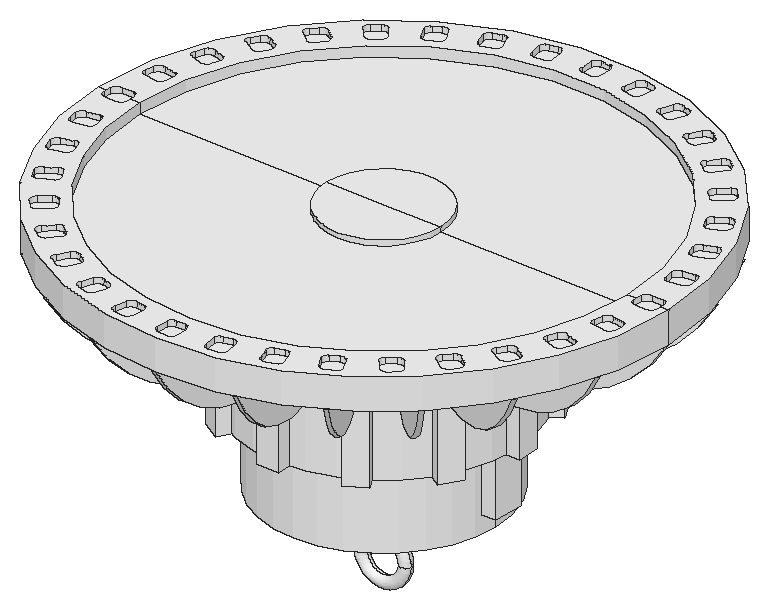
Revit family "CRB", category Lighting Fixtures, host Face, Revit 2021 (continued)
Definition of nested family "LX"
  Forms (in)
    Extrusion 12, solid, material <- "Housing Material"
      sketch origin (7.25807, -1.95628, 0) x (-0.965926, 0.258819, 0) y (0, 0, 1)
        loop
          line (5.49624, 7.29) -> (5.4141, 7.29)
          arc (5.4141, 7.29) -> (3.9671, 7.41595) -> (2.56362, 7.79) r 8.37521
          line (2.56362, 7.79) -> (1.62124, 7.79)
          arc (1.62124, 7.79) -> (3.272, 6.27813) -> (5.49624, 6.0261) r 3.61991
          line (5.49624, 6.0261) -> (5.49624, 7.29)
      from -0.1 to 0
    Extrusion 13, solid, material <- "Housing Material"
      sketch origin (7.51708, -0.0111, 0) x (-1, 0, 0) y (0, 0, 1)
        loop
          line (5.49624, 7.29) -> (5.4141, 7.29)
          arc (5.4141, 7.29) -> (3.9671, 7.41595) -> (2.56362, 7.79) r 8.37521
          line (2.56362, 7.79) -> (1.62124, 7.79)
          arc (1.62124, 7.79) -> (3.272, 6.27813) -> (5.49624, 6.0261) r 3.61991
          line (5.49624, 6.0261) -> (5.49624, 7.29)
      from -0.1 to 0
    Extrusion 14, solid, material <- "Housing Material"
      sketch origin (-1.93484, -7.26381, 0) x (0.258819, 0.965926, 0) y (0, 0, -1)
        loop
          line (5.49624, -7.29) -> (5.49624, -6.0261)
          arc (5.49624, -6.0261) -> (3.272, -6.27813) -> (1.62124, -7.79) r 3.61991
          line (1.62124, -7.79) -> (2.56362, -7.79)
          arc (2.56362, -7.79) -> (3.9671, -7.41595) -> (5.4141, -7.29) r 8.37521
          line (5.4141, -7.29) -> (5.49624, -7.29)
      from -0.1 to 0
    Extrusion 15, solid, material <- "Housing Material"
      sketch origin (-3.74893, -6.51553, 0) x (0.5, 0.866025, 0) y (0, 0, -1)
        loop
          line (5.49624, -7.29) -> (5.49624, -6.0261)
          arc (5.49624, -6.0261) -> (3.272, -6.27813) -> (1.62124, -7.79) r 3.61991
          line (1.62124, -7.79) -> (2.56362, -7.79)
          arc (2.56362, -7.79) -> (3.9671, -7.41595) -> (5.4141, -7.29) r 8.37521
          line (5.4141, -7.29) -> (5.49624, -7.29)
      from -0.1 to 0
    Extrusion 16, solid, material <- "Housing Material"
      sketch origin (-5.30753, -5.32323, 0) x (0.707107, 0.707107, 0) y (0, 0, -1)
        loop
          line (5.49624, -7.29) -> (5.49624, -6.0261)
          arc (5.49624, -6.0261) -> (3.272, -6.27813) -> (1.62124, -7.79) r 3.61991
          line (1.62124, -7.79) -> (2.56362, -7.79)
          arc (2.56362, -7.79) -> (3.9671, -7.41595) -> (5.4141, -7.29) r 8.37521
          line (5.4141, -7.29) -> (5.49624, -7.29)
      from -0.1 to 0
    Extrusion 17, solid, material <- "Housing Material"
      sketch origin (-6.50443, -3.76815, 0) x (0.866025, 0.5, 0) y (0, 0, -1)
        loop
          line (5.49624, -7.29) -> (5.49624, -6.0261)
          arc (5.49624, -6.0261) -> (3.272, -6.27813) -> (1.62124, -7.79) r 3.61991
          line (1.62124, -7.79) -> (2.56362, -7.79)
          arc (2.56362, -7.79) -> (3.9671, -7.41595) -> (5.4141, -7.29) r 8.37521
          line (5.4141, -7.29) -> (5.49624, -7.29)
      from -0.1 to 0
    Extrusion 18, solid, material <- "Housing Material"
      sketch origin (-7.25807, -1.95628, 0) x (0.965926, 0.258819, 0) y (0, 0, -1)
        loop
          line (5.49624, -7.29) -> (5.49624, -6.0261)
          arc (5.49624, -6.0261) -> (3.272, -6.27813) -> (1.62124, -7.79) r 3.61991
          line (1.62124, -7.79) -> (2.56362, -7.79)
          arc (2.56362, -7.79) -> (3.9671, -7.41595) -> (5.4141, -7.29) r 8.37521
          line (5.4141, -7.29) -> (5.49624, -7.29)
      from -0.1 to 0
    Extrusion 19, solid, material <- "Housing Material"
      sketch origin (-7.51708, -0.0111, 0) x (1, 0, 0) y (0, 0, -1)
        loop
          line (5.49624, -7.29) -> (5.49624, -6.0261)
          arc (5.49624, -6.0261) -> (3.272, -6.27813) -> (1.62124, -7.79) r 3.61991
          line (1.62124, -7.79) -> (2.56362, -7.79)
          arc (2.56362, -7.79) -> (3.9671, -7.41595) -> (5.4141, -7.29) r 8.37521
          line (5.4141, -7.29) -> (5.49624, -7.29)
      from -0.1 to 0
    Extrusion 20, solid, material <- "Housing Material"
      sketch origin (-0.0111, 7.51708, 0) x (0, -1, 0) y (0, 0, -1)
        loop
          line (5.49624, -7.29) -> (5.49624, -6.0261)
          arc (5.49624, -6.0261) -> (3.272, -6.27813) -> (1.62124, -7.79) r 3.61991
          line (1.62124, -7.79) -> (2.56362, -7.79)
          arc (2.56362, -7.79) -> (3.9671, -7.41595) -> (5.4141, -7.29) r 8.37521
          line (5.4141, -7.29) -> (5.49624, -7.29)
      from -0.1 to 0
    Extrusion 21, solid, material <- "Housing Material"
      sketch origin (1.93484, 7.26381, 0) x (-0.258819, -0.965926, 0) y (0, 0, -1)
        loop
          line (5.49624, -7.29) -> (5.49624, -6.0261)
          arc (5.49624, -6.0261) -> (3.272, -6.27813) -> (1.62124, -7.79) r 3.61991
          line (1.62124, -7.79) -> (2.56362, -7.79)
          arc (2.56362, -7.79) -> (3.9671, -7.41595) -> (5.4141, -7.29) r 8.37521
          line (5.4141, -7.29) -> (5.49624, -7.29)
      from -0.1 to 0
    Extrusion 22, solid, material <- "Housing Material"
      sketch origin (3.74893, 6.51553, 0) x (-0.5, -0.866025, 0) y (0, 0, -1)
        loop
          line (5.49624, -7.29) -> (5.49624, -6.0261)
          arc (5.49624, -6.0261) -> (3.272, -6.27813) -> (1.62124, -7.79) r 3.61991
          line (1.62124, -7.79) -> (2.56362, -7.79)
          arc (2.56362, -7.79) -> (3.9671, -7.41595) -> (5.4141, -7.29) r 8.37521
          line (5.4141, -7.29) -> (5.49624, -7.29)
      from -0.1 to 0
    Extrusion 23, solid, material <- "Housing Material"
      sketch origin (5.30753, 5.32323, 0) x (-0.707107, -0.707107, 0) y (0, 0, -1)
        loop
          line (5.49624, -7.29) -> (5.49624, -6.0261)
          arc (5.49624, -6.0261) -> (3.272, -6.27813) -> (1.62124, -7.79) r 3.61991
          line (1.62124, -7.79) -> (2.56362, -7.79)
          arc (2.56362, -7.79) -> (3.9671, -7.41595) -> (5.4141, -7.29) r 8.37521
          line (5.4141, -7.29) -> (5.49624, -7.29)
      from -0.1 to 0
    Extrusion 24, solid, material <- "Housing Material"
      sketch origin (6.50443, 3.76815, 0) x (-0.866025, -0.5, 0) y (0, 0, -1)
        loop
          line (5.49624, -7.29) -> (5.49624, -6.0261)
          arc (5.49624, -6.0261) -> (3.272, -6.27813) -> (1.62124, -7.79) r 3.61991
          line (1.62124, -7.79) -> (2.56362, -7.79)
          arc (2.56362, -7.79) -> (3.9671, -7.41595) -> (5.4141, -7.29) r 8.37521
          line (5.4141, -7.29) -> (5.49624, -7.29)
      from -0.1 to 0
    Extrusion 25, solid, material <- "Housing Material"
      sketch origin (7.25807, 1.95628, 0) x (-0.965926, -0.258819, 0) y (0, 0, -1)
        loop
          line (5.49624, -7.29) -> (5.49624, -6.0261)
          arc (5.49624, -6.0261) -> (3.272, -6.27813) -> (1.62124, -7.79) r 3.61991
          line (1.62124, -7.79) -> (2.56362, -7.79)
          arc (2.56362, -7.79) -> (3.9671, -7.41595) -> (5.4141, -7.29) r 8.37521
          line (5.4141, -7.29) -> (5.49624, -7.29)
      from -0.1 to 0
    Extrusion 26, solid, material <- "Housing Material"
      sketch origin (-1.93484, 7.26381, 0) x (0.258819, -0.965926, 0) y (0, 0, 1)
        loop
          line (5.49624, 7.29) -> (5.4141, 7.29)
          arc (5.4141, 7.29) -> (3.9671, 7.41595) -> (2.56362, 7.79) r 8.37521
          line (2.56362, 7.79) -> (1.62124, 7.79)
          arc (1.62124, 7.79) -> (3.272, 6.27813) -> (5.49624, 6.0261) r 3.61991
          line (5.49624, 6.0261) -> (5.49624, 7.29)
      from -0.1 to 0
    Extrusion 27, solid, material <- "Housing Material"
      sketch origin (-3.74893, 6.51553, 0) x (0.5, -0.866025, 0) y (0, 0, 1)
        loop
          line (5.49624, 7.29) -> (5.4141, 7.29)
          arc (5.4141, 7.29) -> (3.9671, 7.41595) -> (2.56362, 7.79) r 8.37521
          line (2.56362, 7.79) -> (1.62124, 7.79)
          arc (1.62124, 7.79) -> (3.272, 6.27813) -> (5.49624, 6.0261) r 3.61991
          line (5.49624, 6.0261) -> (5.49624, 7.29)
      from -0.1 to 0
    Extrusion 28, solid, material <- "Housing Material"
      sketch origin (-5.30753, 5.32323, 0) x (0.707107, -0.707107, 0) y (0, 0, 1)
        loop
          line (5.49624, 7.29) -> (5.4141, 7.29)
          arc (5.4141, 7.29) -> (3.9671, 7.41595) -> (2.56362, 7.79) r 8.37521
          line (2.56362, 7.79) -> (1.62124, 7.79)
          arc (1.62124, 7.79) -> (3.272, 6.27813) -> (5.49624, 6.0261) r 3.61991
          line (5.49624, 6.0261) -> (5.49624, 7.29)
      from -0.1 to 0
    Extrusion 29, solid, material <- "Housing Material"
      sketch origin (-6.50443, 3.76815, 0) x (0.866025, -0.5, 0) y (0, 0, 1)
        loop
          line (5.49624, 7.29) -> (5.4141, 7.29)
          arc (5.4141, 7.29) -> (3.9671, 7.41595) -> (2.56362, 7.79) r 8.37521
          line (2.56362, 7.79) -> (1.62124, 7.79)
          arc (1.62124, 7.79) -> (3.272, 6.27813) -> (5.49624, 6.0261) r 3.61991
          line (5.49624, 6.0261) -> (5.49624, 7.29)
      from -0.1 to 0
    Extrusion 30, solid, material <- "Housing Material"
      sketch origin (-7.25807, 1.95628, 0) x (0.965926, -0.258819, 0) y (0, 0, 1)
        loop
          line (5.49624, 7.29) -> (5.4141, 7.29)
          arc (5.4141, 7.29) -> (3.9671, 7.41595) -> (2.56362, 7.79) r 8.37521
          line (2.56362, 7.79) -> (1.62124, 7.79)
          arc (1.62124, 7.79) -> (3.272, 6.27813) -> (5.49624, 6.0261) r 3.61991
          line (5.49624, 6.0261) -> (5.49624, 7.29)
      from -0.1 to 0
    Extrusion 31, solid, material <- "Housing Material"
      sketch origin (-0.0111, 8.59976, 0) x (1, 0, 0) y (0, 1, 0)
        loop
          arc (-0.37032, -6.38596) -> (-0.01952, -6.35557) -> (0.33175, -6.37991) r 2.26575
          line (0.33175, -6.37991) -> (0.33175, -5.98256)
          arc (0.33175, -5.98256) -> (-0.01946, -5.96186) -> (-0.37032, -5.9877) r 2.65945
          line (-0.37032, -5.9877) -> (-0.37032, -6.38596)
      from 4.45782 to 7.79
    Extrusion 32, solid, material <- "Housing Material"
      sketch origin (4.2862, -7.43796, 0) x (0.866025, 0.5, 0) y (-0.5, 0.866025, 0)
        loop
          line (-0.37032, 6.38596) -> (-0.37032, 5.9877)
          arc (-0.37032, 5.9877) -> (-0.01946, 5.96186) -> (0.33175, 5.98256) r 2.65945
          line (0.33175, 5.98256) -> (0.33175, 6.37991)
          arc (0.33175, 6.37991) -> (-0.01952, 6.35557) -> (-0.37032, 6.38596) r 2.26575
      from 4.45782 to 7.79
    Extrusion 33, solid, material <- "Housing Material"
      sketch origin (-4.31356, 7.45725, 0) x (0.866025, 0.5, 0) y (-0.5, 0.866025, 0)
        loop
          arc (-0.37032, -6.38596) -> (-0.01952, -6.35557) -> (0.33175, -6.37991) r 2.26575
          line (0.33175, -6.37991) -> (0.33175, -5.98256)
          arc (0.33175, -5.98256) -> (-0.01946, -5.96186) -> (-0.37032, -5.9877) r 2.65945
          line (-0.37032, -5.9877) -> (-0.37032, -6.38596)
      from 4.45782 to 7.79
    Extrusion 34, solid, material <- "Housing Material"
      sketch origin (7.42815, -4.28352, 0) x (0.5, 0.866025, 0) y (-0.866025, 0.5, 0)
        loop
          line (-0.37032, 6.38596) -> (-0.37032, 5.9877)
          arc (-0.37032, 5.9877) -> (-0.01946, 5.96186) -> (0.33175, 5.98256) r 2.65945
          line (0.33175, 5.98256) -> (0.33175, 6.37991)
          arc (0.33175, 6.37991) -> (-0.01952, 6.35557) -> (-0.37032, 6.38596) r 2.26575
      from 4.45782 to 7.79
    Extrusion 35, solid, material <- "Housing Material"
      sketch origin (-7.46707, 4.31624, 0) x (0.5, 0.866025, 0) y (-0.866025, 0.5, 0)
        loop
          arc (-0.37032, -6.38596) -> (-0.01952, -6.35557) -> (0.33175, -6.37991) r 2.26575
          line (0.33175, -6.37991) -> (0.33175, -5.98256)
          arc (0.33175, -5.98256) -> (-0.01946, -5.96186) -> (-0.37032, -5.9877) r 2.65945
          line (-0.37032, -5.9877) -> (-0.37032, -6.38596)
      from 4.45782 to 7.79
    Extrusion 36, solid, material <- "Housing Material"
      sketch origin (8.5716, 0.018, 0) x (0, 1, 0) y (-1, 0, 0)
        loop
          line (-0.37032, 6.38596) -> (-0.37032, 5.9877)
          arc (-0.37032, 5.9877) -> (-0.01946, 5.96186) -> (0.33175, 5.98256) r 2.65945
          line (0.33175, 5.98256) -> (0.33175, 6.37991)
          arc (0.33175, 6.37991) -> (-0.01952, 6.35557) -> (-0.37032, 6.38596) r 2.26575
      from 4.45782 to 7.79
    Extrusion 37, solid, material <- "Housing Material"
      sketch origin (-8.62792, 0.018, 0) x (0, 1, 0) y (-1, 0, 0)
        loop
          arc (-0.37032, -6.38596) -> (-0.01952, -6.35557) -> (0.33175, -6.37991) r 2.26575
          line (0.33175, -6.37991) -> (0.33175, -5.98256)
          arc (0.33175, -5.98256) -> (-0.01946, -5.96186) -> (-0.37032, -5.9877) r 2.65945
          line (-0.37032, -5.9877) -> (-0.37032, -6.38596)
      from 4.45782 to 7.79
    Extrusion 38, solid, material <- "Housing Material"
      sketch origin (7.40981, 4.3153, 0) x (-0.5, 0.866025, 0) y (-0.866025, -0.5, 0)
        loop
          line (-0.37032, 6.38596) -> (-0.37032, 5.9877)
          arc (-0.37032, 5.9877) -> (-0.01946, 5.96186) -> (0.33175, 5.98256) r 2.65945
          line (0.33175, 5.98256) -> (0.33175, 6.37991)
          arc (0.33175, 6.37991) -> (-0.01952, 6.35557) -> (-0.37032, 6.38596) r 2.26575
      from 4.45782 to 7.79
    Extrusion 39, solid, material <- "Housing Material"
      sketch origin (-7.48541, -4.28446, 0) x (-0.5, 0.866025, 0) y (-0.866025, -0.5, 0)
        loop
          arc (-0.37032, -6.38596) -> (-0.01952, -6.35557) -> (0.33175, -6.37991) r 2.26575
          line (0.33175, -6.37991) -> (0.33175, -5.98256)
          arc (0.33175, -5.98256) -> (-0.01946, -5.96186) -> (-0.37032, -5.9877) r 2.65945
          line (-0.37032, -5.9877) -> (-0.37032, -6.38596)
      from 4.45782 to 7.79
    Extrusion 40, solid, material <- "Housing Material"
      sketch origin (4.25536, 7.45725, 0) x (-0.866025, 0.5, 0) y (-0.5, -0.866025, 0)
        loop
          line (-0.37032, 6.38596) -> (-0.37032, 5.9877)
          arc (-0.37032, 5.9877) -> (-0.01946, 5.96186) -> (0.33175, 5.98256) r 2.65945
          line (0.33175, 5.98256) -> (0.33175, 6.37991)
          arc (0.33175, 6.37991) -> (-0.01952, 6.35557) -> (-0.37032, 6.38596) r 2.26575
      from 4.45782 to 7.79
    Extrusion 41, solid, material <- "Housing Material"
      sketch origin (-4.3444, -7.43796, 0) x (-0.866025, 0.5, 0) y (-0.5, -0.866025, 0)
        loop
          arc (-0.37032, -6.38596) -> (-0.01952, -6.35557) -> (0.33175, -6.37991) r 2.26575
          line (0.33175, -6.37991) -> (0.33175, -5.98256)
          arc (0.33175, -5.98256) -> (-0.01946, -5.96186) -> (-0.37032, -5.9877) r 2.65945
          line (-0.37032, -5.9877) -> (-0.37032, -6.38596)
      from 4.45782 to 7.79
    Extrusion 42, void
      sketch origin (-0.0111, 7.46787, 0) x (1, 0, 0) y (0, 1, 0)
        loop
          line (-0.12065, -2.39636) -> (0.09701, -2.39636)
          arc (0.09701, -2.39636) -> (0.20339, -2.3523) -> (0.24746, -2.24592) r 0.15044
          line (0.24746, -2.24592) -> (0.24746, -1.95565)
          arc (0.24746, -1.95565) -> (0.20677, -1.85741) -> (0.10853, -1.81672) r 0.13893
          line (0.10853, -1.81672) -> (-0.09392, -1.81672)
          arc (-0.09392, -1.81672) -> (-0.20608, -1.86318) -> (-0.25254, -1.97534) r 0.15862
          line (-0.25254, -1.97534) -> (-0.25254, -2.26447)
          arc (-0.25254, -2.26447) -> (-0.21391, -2.35773) -> (-0.12065, -2.39636) r 0.13189
      from 8.41275 to 8.54
    Extrusion 43, void
      sketch origin (1.92164, -7.21275, 0) x (0.965926, 0.258819, 0) y (-0.258819, 0.965926, 0)
        loop
          arc (-0.12065, 2.39636) -> (-0.21391, 2.35773) -> (-0.25254, 2.26447) r 0.13189
          line (-0.25254, 2.26447) -> (-0.25254, 1.97534)
          arc (-0.25254, 1.97534) -> (-0.20608, 1.86318) -> (-0.09392, 1.81672) r 0.15862
          line (-0.09392, 1.81672) -> (0.10853, 1.81672)
          arc (0.10853, 1.81672) -> (0.20677, 1.85741) -> (0.24746, 1.95565) r 0.13893
          line (0.24746, 1.95565) -> (0.24746, 2.24592)
          arc (0.24746, 2.24592) -> (0.20339, 2.3523) -> (0.09701, 2.39636) r 0.15044
          line (0.09701, 2.39636) -> (-0.12065, 2.39636)
      from 8.41275 to 8.54
    Extrusion 44, void
      sketch origin (-1.94401, 7.21406, 0) x (0.965926, 0.258819, 0) y (-0.258819, 0.965926, 0)
        loop
          line (-0.12065, -2.39636) -> (0.09701, -2.39636)
          arc (0.09701, -2.39636) -> (0.20339, -2.3523) -> (0.24746, -2.24592) r 0.15044
          line (0.24746, -2.24592) -> (0.24746, -1.95565)
          arc (0.24746, -1.95565) -> (0.20677, -1.85741) -> (0.10853, -1.81672) r 0.13893
          line (0.10853, -1.81672) -> (-0.09392, -1.81672)
          arc (-0.09392, -1.81672) -> (-0.20608, -1.86318) -> (-0.25254, -1.97534) r 0.15862
          line (-0.25254, -1.97534) -> (-0.25254, -2.26447)
          arc (-0.25254, -2.26447) -> (-0.21391, -2.35773) -> (-0.12065, -2.39636) r 0.13189
      from 8.41275 to 8.54
    Extrusion 45, void
      sketch origin (3.72314, -6.46659, 0) x (0.866025, 0.5, 0) y (-0.5, 0.866025, 0)
        loop
          arc (-0.12065, 2.39636) -> (-0.21391, 2.35773) -> (-0.25254, 2.26447) r 0.13189
          line (-0.25254, 2.26447) -> (-0.25254, 1.97534)
          arc (-0.25254, 1.97534) -> (-0.20608, 1.86318) -> (-0.09392, 1.81672) r 0.15862
          line (-0.09392, 1.81672) -> (0.10853, 1.81672)
          arc (0.10853, 1.81672) -> (0.20677, 1.85741) -> (0.24746, 1.95565) r 0.13893
          line (0.24746, 1.95565) -> (0.24746, 2.24592)
          arc (0.24746, 2.24592) -> (0.20339, 2.3523) -> (0.09701, 2.39636) r 0.15044
          line (0.09701, 2.39636) -> (-0.12065, 2.39636)
      from 8.41275 to 8.54
    Extrusion 46, void
      sketch origin (-3.74472, 6.46814, 0) x (0.866025, 0.5, 0) y (-0.5, 0.866025, 0)
        loop
          line (-0.12065, -2.39636) -> (0.09701, -2.39636)
          arc (0.09701, -2.39636) -> (0.20339, -2.3523) -> (0.24746, -2.24592) r 0.15044
          line (0.24746, -2.24592) -> (0.24746, -1.95565)
          arc (0.24746, -1.95565) -> (0.20677, -1.85741) -> (0.10853, -1.81672) r 0.13893
          line (0.10853, -1.81672) -> (-0.09392, -1.81672)
          arc (-0.09392, -1.81672) -> (-0.20608, -1.86318) -> (-0.25254, -1.97534) r 0.15862
          line (-0.25254, -1.97534) -> (-0.25254, -2.26447)
          arc (-0.25254, -2.26447) -> (-0.21391, -2.35773) -> (-0.12065, -2.39636) r 0.13189
      from 8.41275 to 8.54
    Extrusion 47, void
      sketch origin (5.27044, -5.28009, 0) x (0.707107, 0.707107, 0) y (-0.707107, 0.707107, 0)
        loop
          arc (-0.12065, 2.39636) -> (-0.21391, 2.35773) -> (-0.25254, 2.26447) r 0.13189
          line (-0.25254, 2.26447) -> (-0.25254, 1.97534)
          arc (-0.25254, 1.97534) -> (-0.20608, 1.86318) -> (-0.09392, 1.81672) r 0.15862
          line (-0.09392, 1.81672) -> (0.10853, 1.81672)
          arc (0.10853, 1.81672) -> (0.20677, 1.85741) -> (0.24746, 1.95565) r 0.13893
          line (0.24746, 1.95565) -> (0.24746, 2.24592)
          arc (0.24746, 2.24592) -> (0.20339, 2.3523) -> (0.09701, 2.39636) r 0.15044
          line (0.09701, 2.39636) -> (-0.12065, 2.39636)
      from 8.41275 to 8.54
    Extrusion 48, void
      sketch origin (-5.29072, 5.28107, 0) x (0.707107, 0.707107, 0) y (-0.707107, 0.707107, 0)
        loop
          line (-0.12065, -2.39636) -> (0.09701, -2.39636)
          arc (0.09701, -2.39636) -> (0.20339, -2.3523) -> (0.24746, -2.24592) r 0.15044
          line (0.24746, -2.24592) -> (0.24746, -1.95565)
          arc (0.24746, -1.95565) -> (0.20677, -1.85741) -> (0.10853, -1.81672) r 0.13893
          line (0.10853, -1.81672) -> (-0.09392, -1.81672)
          arc (-0.09392, -1.81672) -> (-0.20608, -1.86318) -> (-0.25254, -1.97534) r 0.15862
          line (-0.25254, -1.97534) -> (-0.25254, -2.26447)
          arc (-0.25254, -2.26447) -> (-0.21391, -2.35773) -> (-0.12065, -2.39636) r 0.13189
      from 8.41275 to 8.54
    Extrusion 49, void
      sketch origin (6.45789, -3.73396, 0) x (0.5, 0.866025, 0) y (-0.866025, 0.5, 0)
        loop
          arc (-0.12065, 2.39636) -> (-0.21391, 2.35773) -> (-0.25254, 2.26447) r 0.13189
          line (-0.25254, 2.26447) -> (-0.25254, 1.97534)
          arc (-0.25254, 1.97534) -> (-0.20608, 1.86318) -> (-0.09392, 1.81672) r 0.15862
          line (-0.09392, 1.81672) -> (0.10853, 1.81672)
          arc (0.10853, 1.81672) -> (0.20677, 1.85741) -> (0.24746, 1.95565) r 0.13893
          line (0.24746, 1.95565) -> (0.24746, 2.24592)
          arc (0.24746, 2.24592) -> (0.20339, 2.3523) -> (0.09701, 2.39636) r 0.15044
          line (0.09701, 2.39636) -> (-0.12065, 2.39636)
      from 8.41275 to 8.54
    Extrusion 50, void
      sketch origin (-6.47683, 3.73391, 0) x (0.5, 0.866025, 0) y (-0.866025, 0.5, 0)
        loop
          line (-0.12065, -2.39636) -> (0.09701, -2.39636)
          arc (0.09701, -2.39636) -> (0.20339, -2.3523) -> (0.24746, -2.24592) r 0.15044
          line (0.24746, -2.24592) -> (0.24746, -1.95565)
          arc (0.24746, -1.95565) -> (0.20677, -1.85741) -> (0.10853, -1.81672) r 0.13893
          line (0.10853, -1.81672) -> (-0.09392, -1.81672)
          arc (-0.09392, -1.81672) -> (-0.20608, -1.86318) -> (-0.25254, -1.97534) r 0.15862
          line (-0.25254, -1.97534) -> (-0.25254, -2.26447)
          arc (-0.25254, -2.26447) -> (-0.21391, -2.35773) -> (-0.12065, -2.39636) r 0.13189
      from 8.41275 to 8.54
    Extrusion 51, void
      sketch origin (7.20438, -1.9334, 0) x (0.258819, 0.965926, 0) y (-0.965926, 0.258819, 0)
        loop
          arc (-0.12065, 2.39636) -> (-0.21391, 2.35773) -> (-0.25254, 2.26447) r 0.13189
          line (-0.25254, 2.26447) -> (-0.25254, 1.97534)
          arc (-0.25254, 1.97534) -> (-0.20608, 1.86318) -> (-0.09392, 1.81672) r 0.15862
          line (-0.09392, 1.81672) -> (0.10853, 1.81672)
          arc (0.10853, 1.81672) -> (0.20677, 1.85741) -> (0.24746, 1.95565) r 0.13893
          line (0.24746, 1.95565) -> (0.24746, 2.24592)
          arc (0.24746, 2.24592) -> (0.20339, 2.3523) -> (0.09701, 2.39636) r 0.15044
          line (0.09701, 2.39636) -> (-0.12065, 2.39636)
      from 8.41275 to 8.54
    Extrusion 52, void
      sketch origin (-7.22243, 1.93225, 0) x (0.258819, 0.965926, 0) y (-0.965926, 0.258819, 0)
        loop
          line (-0.12065, -2.39636) -> (0.09701, -2.39636)
          arc (0.09701, -2.39636) -> (0.20339, -2.3523) -> (0.24746, -2.24592) r 0.15044
          line (0.24746, -2.24592) -> (0.24746, -1.95565)
          arc (0.24746, -1.95565) -> (0.20677, -1.85741) -> (0.10853, -1.81672) r 0.13893
          line (0.10853, -1.81672) -> (-0.09392, -1.81672)
          arc (-0.09392, -1.81672) -> (-0.20608, -1.86318) -> (-0.25254, -1.97534) r 0.15862
          line (-0.25254, -1.97534) -> (-0.25254, -2.26447)
          arc (-0.25254, -2.26447) -> (-0.21391, -2.35773) -> (-0.12065, -2.39636) r 0.13189
      from 8.41275 to 8.54
    Extrusion 53, void
      sketch origin (7.45883, -0.00099, 0) x (0, 1, 0) y (-1, 0, 0)
        loop
          arc (-0.12065, 2.39636) -> (-0.21391, 2.35773) -> (-0.25254, 2.26447) r 0.13189
          line (-0.25254, 2.26447) -> (-0.25254, 1.97534)
          arc (-0.25254, 1.97534) -> (-0.20608, 1.86318) -> (-0.09392, 1.81672) r 0.15862
          line (-0.09392, 1.81672) -> (0.10853, 1.81672)
          arc (0.10853, 1.81672) -> (0.20677, 1.85741) -> (0.24746, 1.95565) r 0.13893
          line (0.24746, 1.95565) -> (0.24746, 2.24592)
          arc (0.24746, 2.24592) -> (0.20339, 2.3523) -> (0.09701, 2.39636) r 0.15044
          line (0.09701, 2.39636) -> (-0.12065, 2.39636)
      from 8.41275 to 8.54
    Extrusion 54, void
      sketch origin (-7.47691, -0.00099, 0) x (0, 1, 0) y (-1, 0, 0)
        loop
          line (-0.12065, -2.39636) -> (0.09701, -2.39636)
          arc (0.09701, -2.39636) -> (0.20339, -2.3523) -> (0.24746, -2.24592) r 0.15044
          line (0.24746, -2.24592) -> (0.24746, -1.95565)
          arc (0.24746, -1.95565) -> (0.20677, -1.85741) -> (0.10853, -1.81672) r 0.13893
          line (0.10853, -1.81672) -> (-0.09392, -1.81672)
          arc (-0.09392, -1.81672) -> (-0.20608, -1.86318) -> (-0.25254, -1.97534) r 0.15862
          line (-0.25254, -1.97534) -> (-0.25254, -2.26447)
          arc (-0.25254, -2.26447) -> (-0.21391, -2.35773) -> (-0.12065, -2.39636) r 0.13189
      from 8.41275 to 8.54
    Extrusion 55, void
      sketch origin (7.20371, 1.93175, 0) x (-0.258819, 0.965926, 0) y (-0.965926, -0.258819, 0)
        loop
          arc (-0.12065, 2.39636) -> (-0.21391, 2.35773) -> (-0.25254, 2.26447) r 0.13189
          line (-0.25254, 2.26447) -> (-0.25254, 1.97534)
          arc (-0.25254, 1.97534) -> (-0.20608, 1.86318) -> (-0.09392, 1.81672) r 0.15862
          line (-0.09392, 1.81672) -> (0.10853, 1.81672)
          arc (0.10853, 1.81672) -> (0.20677, 1.85741) -> (0.24746, 1.95565) r 0.13893
          line (0.24746, 1.95565) -> (0.24746, 2.24592)
          arc (0.24746, 2.24592) -> (0.20339, 2.3523) -> (0.09701, 2.39636) r 0.15044
          line (0.09701, 2.39636) -> (-0.12065, 2.39636)
      from 8.41275 to 8.54
    Extrusion 56, void
      sketch origin (-7.2231, -1.9339, 0) x (-0.258819, 0.965926, 0) y (-0.965926, -0.258819, 0)
        loop
          line (-0.12065, -2.39636) -> (0.09701, -2.39636)
          arc (0.09701, -2.39636) -> (0.20339, -2.3523) -> (0.24746, -2.24592) r 0.15044
          line (0.24746, -2.24592) -> (0.24746, -1.95565)
          arc (0.24746, -1.95565) -> (0.20677, -1.85741) -> (0.10853, -1.81672) r 0.13893
          line (0.10853, -1.81672) -> (-0.09392, -1.81672)
          arc (-0.09392, -1.81672) -> (-0.20608, -1.86318) -> (-0.25254, -1.97534) r 0.15862
          line (-0.25254, -1.97534) -> (-0.25254, -2.26447)
          arc (-0.25254, -2.26447) -> (-0.21391, -2.35773) -> (-0.12065, -2.39636) r 0.13189
      from 8.41275 to 8.54
    Extrusion 57, void
      sketch origin (6.45755, 3.73325, 0) x (-0.5, 0.866025, 0) y (-0.866025, -0.5, 0)
        loop
          arc (-0.12065, 2.39636) -> (-0.21391, 2.35773) -> (-0.25254, 2.26447) r 0.13189
          line (-0.25254, 2.26447) -> (-0.25254, 1.97534)
          arc (-0.25254, 1.97534) -> (-0.20608, 1.86318) -> (-0.09392, 1.81672) r 0.15862
          line (-0.09392, 1.81672) -> (0.10853, 1.81672)
          arc (0.10853, 1.81672) -> (0.20677, 1.85741) -> (0.24746, 1.95565) r 0.13893
          line (0.24746, 1.95565) -> (0.24746, 2.24592)
          arc (0.24746, 2.24592) -> (0.20339, 2.3523) -> (0.09701, 2.39636) r 0.15044
          line (0.09701, 2.39636) -> (-0.12065, 2.39636)
      from 8.41275 to 8.54
    Extrusion 58, void
      sketch origin (-6.47717, -3.73462, 0) x (-0.5, 0.866025, 0) y (-0.866025, -0.5, 0)
        loop
          line (-0.12065, -2.39636) -> (0.09701, -2.39636)
          arc (0.09701, -2.39636) -> (0.20339, -2.3523) -> (0.24746, -2.24592) r 0.15044
          line (0.24746, -2.24592) -> (0.24746, -1.95565)
          arc (0.24746, -1.95565) -> (0.20677, -1.85741) -> (0.10853, -1.81672) r 0.13893
          line (0.10853, -1.81672) -> (-0.09392, -1.81672)
          arc (-0.09392, -1.81672) -> (-0.20608, -1.86318) -> (-0.25254, -1.97534) r 0.15862
          line (-0.25254, -1.97534) -> (-0.25254, -2.26447)
          arc (-0.25254, -2.26447) -> (-0.21391, -2.35773) -> (-0.12065, -2.39636) r 0.13189
      from 8.41275 to 8.54
    Extrusion 59, void
      sketch origin (5.27105, 5.28055, 0) x (-0.707107, 0.707107, 0) y (-0.707107, -0.707107, 0)
        loop
          arc (-0.12065, 2.39636) -> (-0.21391, 2.35773) -> (-0.25254, 2.26447) r 0.13189
          line (-0.25254, 2.26447) -> (-0.25254, 1.97534)
          arc (-0.25254, 1.97534) -> (-0.20608, 1.86318) -> (-0.09392, 1.81672) r 0.15862
          line (-0.09392, 1.81672) -> (0.10853, 1.81672)
          arc (0.10853, 1.81672) -> (0.20677, 1.85741) -> (0.24746, 1.95565) r 0.13893
          line (0.24746, 1.95565) -> (0.24746, 2.24592)
          arc (0.24746, 2.24592) -> (0.20339, 2.3523) -> (0.09701, 2.39636) r 0.15044
          line (0.09701, 2.39636) -> (-0.12065, 2.39636)
      from 8.41275 to 8.54
    Extrusion 60, void
      sketch origin (-5.29011, -5.28061, 0) x (-0.707107, 0.707107, 0) y (-0.707107, -0.707107, 0)
        loop
          line (-0.12065, -2.39636) -> (0.09701, -2.39636)
          arc (0.09701, -2.39636) -> (0.20339, -2.3523) -> (0.24746, -2.24592) r 0.15044
          line (0.24746, -2.24592) -> (0.24746, -1.95565)
          arc (0.24746, -1.95565) -> (0.20677, -1.85741) -> (0.10853, -1.81672) r 0.13893
          line (0.10853, -1.81672) -> (-0.09392, -1.81672)
          arc (-0.09392, -1.81672) -> (-0.20608, -1.86318) -> (-0.25254, -1.97534) r 0.15862
          line (-0.25254, -1.97534) -> (-0.25254, -2.26447)
          arc (-0.25254, -2.26447) -> (-0.21391, -2.35773) -> (-0.12065, -2.39636) r 0.13189
      from 8.41275 to 8.54
    Extrusion 61, void
      sketch origin (3.72492, 6.468, 0) x (-0.866025, 0.5, 0) y (-0.5, -0.866025, 0)
        loop
          arc (-0.12065, 2.39636) -> (-0.21391, 2.35773) -> (-0.25254, 2.26447) r 0.13189
          line (-0.25254, 2.26447) -> (-0.25254, 1.97534)
          arc (-0.25254, 1.97534) -> (-0.20608, 1.86318) -> (-0.09392, 1.81672) r 0.15862
          line (-0.09392, 1.81672) -> (0.10853, 1.81672)
          arc (0.10853, 1.81672) -> (0.20677, 1.85741) -> (0.24746, 1.95565) r 0.13893
          line (0.24746, 1.95565) -> (0.24746, 2.24592)
          arc (0.24746, 2.24592) -> (0.20339, 2.3523) -> (0.09701, 2.39636) r 0.15044
          line (0.09701, 2.39636) -> (-0.12065, 2.39636)
      from 8.41275 to 8.54
    Extrusion 62, void
      sketch origin (-3.74295, -6.46672, 0) x (-0.866025, 0.5, 0) y (-0.5, -0.866025, 0)
        loop
          line (-0.12065, -2.39636) -> (0.09701, -2.39636)
          arc (0.09701, -2.39636) -> (0.20339, -2.3523) -> (0.24746, -2.24592) r 0.15044
          line (0.24746, -2.24592) -> (0.24746, -1.95565)
          arc (0.24746, -1.95565) -> (0.20677, -1.85741) -> (0.10853, -1.81672) r 0.13893
          line (0.10853, -1.81672) -> (-0.09392, -1.81672)
          arc (-0.09392, -1.81672) -> (-0.20608, -1.86318) -> (-0.25254, -1.97534) r 0.15862
          line (-0.25254, -1.97534) -> (-0.25254, -2.26447)
          arc (-0.25254, -2.26447) -> (-0.21391, -2.35773) -> (-0.12065, -2.39636) r 0.13189
      from 8.41275 to 8.54
    Extrusion 63, void
      sketch origin (1.92437, 7.21449, 0) x (-0.965926, 0.258819, 0) y (-0.258819, -0.965926, 0)
        loop
          arc (-0.12065, 2.39636) -> (-0.21391, 2.35773) -> (-0.25254, 2.26447) r 0.13189
          line (-0.25254, 2.26447) -> (-0.25254, 1.97534)
          arc (-0.25254, 1.97534) -> (-0.20608, 1.86318) -> (-0.09392, 1.81672) r 0.15862
          line (-0.09392, 1.81672) -> (0.10853, 1.81672)
          arc (0.10853, 1.81672) -> (0.20677, 1.85741) -> (0.24746, 1.95565) r 0.13893
          line (0.24746, 1.95565) -> (0.24746, 2.24592)
          arc (0.24746, 2.24592) -> (0.20339, 2.3523) -> (0.09701, 2.39636) r 0.15044
          line (0.09701, 2.39636) -> (-0.12065, 2.39636)
      from 8.41275 to 8.54
    Extrusion 64, void
      sketch origin (-1.94129, -7.21233, 0) x (-0.965926, 0.258819, 0) y (-0.258819, -0.965926, 0)
        loop
          line (-0.12065, -2.39636) -> (0.09701, -2.39636)
          arc (0.09701, -2.39636) -> (0.20339, -2.3523) -> (0.24746, -2.24592) r 0.15044
          line (0.24746, -2.24592) -> (0.24746, -1.95565)
          arc (0.24746, -1.95565) -> (0.20677, -1.85741) -> (0.10853, -1.81672) r 0.13893
          line (0.10853, -1.81672) -> (-0.09392, -1.81672)
          arc (-0.09392, -1.81672) -> (-0.20608, -1.86318) -> (-0.25254, -1.97534) r 0.15862
          line (-0.25254, -1.97534) -> (-0.25254, -2.26447)
          arc (-0.25254, -2.26447) -> (-0.21391, -2.35773) -> (-0.12065, -2.39636) r 0.13189
      from 8.41275 to 8.54
  Cuts and joins
    Extrusion 5, Extrusion 42, Extrusion 43, Extrusion 44, Extrusion 45, Extrusion 46, Extrusion 47, Extrusion 48, Extrusion 49, Extrusion 50, Extrusion 51, Extrusion 52, Extrusion 53, Extrusion 54, Extrusion 55, Extrusion 56, Extrusion 57, Extrusion 58, Extrusion 59, Extrusion 60, Extrusion 61, Extrusion 62, Extrusion 63, Extrusion 64 cuts Revolve 2
  Dimensions and locks (in)
    aligned and locked: level to plane 2
Types (4): name | MX | MV | LX
  (no name) | yes | no | no
  CRB-40LX | no | no | yes
  CRB-40MV | no | yes | no
  CRB-40MX | yes | no | no
